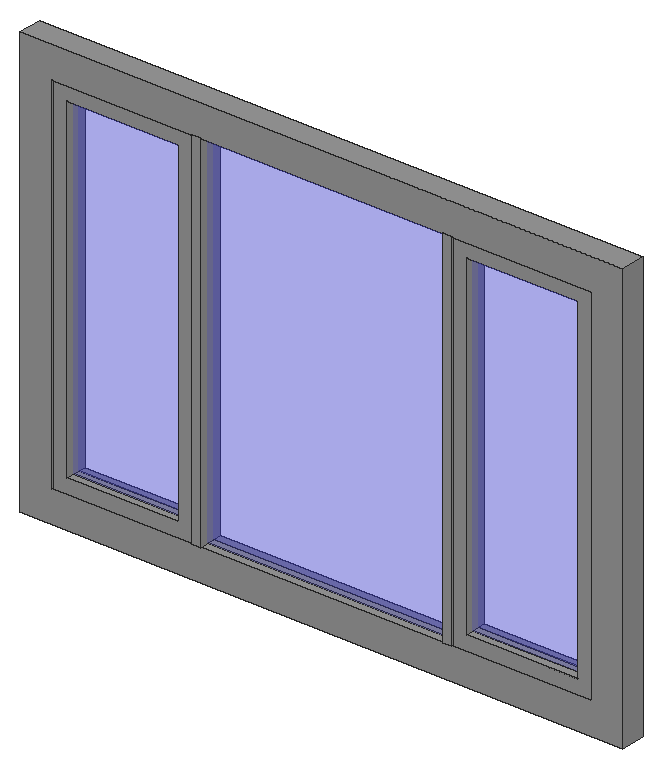
Revit family "Family56", category Windows, host Wall, Revit 2018
Family settings
  Host = Wall
  OmniClass Number = 23.30.20.00
  OmniClass Title = Windows
  Always vertical = Yes
  Cut with Voids When Loaded = No
  Shared = No
  Room Calculation Point = No
Parameters
  Window Thickness = 84 mm
  Window Frame = White
  Visual Light Transmittance = 0.81
  URL = "www.skywardwindows.co.za"
  Thermal Resistance (R) = 0.3196 (m²·K)/W
  Telephone = "021 276 1800"
  Solar Heat Gain Coefficient = 0.76
  Manufacturer = "Skyward Windows"
  Height = 1490 mm
  Heat Transfer Coefficient (U) = 3.1292 W/(m²·K)
  Glass Thickness = 4 mm
  Glass = Glass
  Email Address = "info@skywardwindows.co.za"
  Default Sill Height = 800 mm
  Wall Closure = By host
  Width = 2090 mm
  Company Address = "Charles Matthews Street Atlantis 7349"
  Analytic Construction = "Double glazing - domestic"
Reference planes
  plane 1 "Center (Front/Back)": y = 0
  plane 2 "Center (Left/Right)": x = 0
  plane 3 "Left": x = -1045
  plane 4 "Right": x = 1045
  plane 5 "Sill": z = 800
  plane 6 "Head": z = 2290
  plane 7 "Exterior": y = 100
  plane 8 "Interior": y = -100
Forms (mm)
  Extrusion 1, solid, material "White" <- "Window Frame"
    sketch origin (0, -100, 0) x (1, 0, 0) y (0, 0, 1)
      loop
        line (-1045, 2290) -> (-1045, 800) -> (1045, 800) -> (1045, 2290) -> (-1045, 2290)
      loop
        line (-936, 909) -> (936, 909) -> (936, 2181) -> (-936, 2181) -> (-936, 909)
    from -142 to -58
  Extrusion 2, solid, material "White" <- "Window Frame"
    sketch origin (0, -100, 0) x (1, 0, 0) y (0, 0, 1)
      loop
        line (-936, 2181) -> (-936, 909) -> (-450, 909) -> (-450, 2181) -> (-936, 2181)
      loop
        line (936, 2181) -> (450, 2181) -> (450, 909) -> (936, 909) -> (936, 2181)
      loop
        line (-886, 959) -> (-500, 959) -> (-500, 2131) -> (-886, 2131) -> (-886, 959)
      loop
        line (500, 2131) -> (500, 959) -> (886, 959) -> (886, 2131) -> (500, 2131)
    from -138 to -62
  Extrusion 3, solid, material "White" <- "Window Frame"
    sketch origin (0, -100, 0) x (1, 0, 0) y (0, 0, 1)
      loop
        line (-450, 2181) -> (-450, 909) -> (-420, 909) -> (-420, 2181) -> (-450, 2181)
      loop
        line (450, 2181) -> (420, 2181) -> (420, 909) -> (450, 909) -> (450, 2181)
    from -142 to -58
  Extrusion 4, solid, material "Glass" <- "Glass"
    sketch origin (0, 0, 0) x (1, 0, 0) y (0, 1, 0)
      loop
        line (-886, 14) -> (-886, 10) -> (-500, 10) -> (-500, 14) -> (-886, 14)
      loop
        line (-886, -10) -> (-886, -14) -> (-500, -14) -> (-500, -10) -> (-886, -10)
      loop
        line (500, 14) -> (500, 10) -> (886, 10) -> (886, 14) -> (500, 14)
      loop
        line (886, -10) -> (500, -10) -> (500, -14) -> (886, -14) -> (886, -10)
    from 959 to 2131
  Extrusion 5, solid, material "Glass" <- "Glass"
    sketch origin (0, 0, 0) x (1, 0, 0) y (0, 1, 0)
      loop
        line (-420, 14) -> (-420, 10) -> (420, 10) -> (420, 14) -> (-420, 14)
      loop
        line (420, -10) -> (-420, -10) -> (-420, -14) -> (420, -14) -> (420, -10)
    from 909 to 2181
Lines and regions (mm)
  Opening 1
    outline origin (3500, -100, 0) x (1, 0, 0) y (0, 0, 1)
      loop
        line (-2455, 800) -> (-2455, 2290) -> (-4545, 2290) -> (-4545, 800) -> (-2455, 800)
Text (mm)
  text "EXTERIOR" at (-1963.203, 1332.353, 0), in view "Ref. Level"
  text "INTERIOR" at (-1981.466, -818.386, 0), in view "Ref. Level"
  text "Exterior" at (0, 923.751, 2943.296), in view "Right"
  text "Exterior" at (0, 1040.484, 2685.409), in view "Left"
Dimensions and locks
  equal spacing: plane 3 "Left", plane 2 "Center (Left/Right)", plane 4 "Right"
  "Width": plane 3 "Left" to plane 4 "Right"
  "Height": plane 5 "Sill" to plane 6 "Head"
  "Default Sill Height": plane 5 "Sill" to level
  locked: plane 7 "Exterior" to host wall at 0
  locked: plane 8 "Interior" to host wall
  "Window Thickness": Extrusion 1 to Extrusion 1
  "Glass Thickness": Extrusion 5 to Extrusion 5
  "Glass Thickness": Extrusion 4 to Extrusion 4
  aligned and locked: Extrusion 1 sketch curve to host wall  (x4)
  aligned and locked: Extrusion 5 to Extrusion 1
Automatic sketch dimensions
  Opening 1 sketch curve to plane 3 "Left" = 0 mm
  Opening 1 sketch curve to plane 4 "Right" = 0 mm
  Opening 1 sketch curve to plane 5 "Sill" = 0 mm
  Opening 1 sketch curve to plane 6 "Head" = 0 mm
  Extrusion 1 sketch curve to plane 3 "Left" = 109 mm
  plane 4 "Right" to Extrusion 1 sketch curve = 109 mm
  Extrusion 1 sketch curve to plane 5 "Sill" = 109 mm
  plane 6 "Head" to Extrusion 1 sketch curve = 109 mm
  Extrusion 2 sketch curve to plane 3 "Left" = 109 mm
  Extrusion 2 sketch curve to Extrusion 2 sketch curve = 50 mm  (x8)
  plane 6 "Head" to Extrusion 2 sketch curve = 159 mm
  plane 2 "Center (Left/Right)" to Extrusion 2 sketch curve = 500 mm
  plane 6 "Head" to Extrusion 2 sketch curve = 109 mm
  Extrusion 2 sketch curve to plane 2 "Center (Left/Right)" = 450 mm
  plane 4 "Right" to Extrusion 2 sketch curve = 159 mm
  Extrusion 2 sketch curve to plane 5 "Sill" = 159 mm  (x2)
  Extrusion 3 sketch curve to plane 5 "Sill" = 109 mm  (x2)
  plane 2 "Center (Left/Right)" to Extrusion 3 sketch curve = 450 mm
  Extrusion 3 sketch curve to Extrusion 3 sketch curve = 30 mm  (x2)
  Extrusion 3 sketch curve to plane 2 "Center (Left/Right)" = 420 mm
  plane 6 "Head" to Extrusion 3 sketch curve = 109 mm  (x2)
  Extrusion 4 sketch curve to host wall = 14 mm  (x2)
  Extrusion 4 sketch curve to plane 3 "Left" = 159 mm
  Extrusion 4 sketch curve to Extrusion 4 sketch curve = 0 mm  (x4)
  host wall to Extrusion 4 sketch curve = 10 mm  (x2)
  plane 2 "Center (Left/Right)" to Extrusion 4 sketch curve = 500 mm
  Extrusion 4 sketch curve to plane 2 "Center (Left/Right)" = 500 mm
  plane 4 "Right" to Extrusion 4 sketch curve = 159 mm
  Extrusion 4 sketch curve to Extrusion 4 sketch curve = 4 mm  (x4)
  Extrusion 5 sketch curve to host wall = 14 mm
  plane 2 "Center (Left/Right)" to Extrusion 5 sketch curve = 420 mm
  host wall to Extrusion 5 sketch curve = 10 mm
  Extrusion 5 sketch curve to Extrusion 5 sketch curve = 0 mm  (x2)
  Extrusion 5 sketch curve to plane 2 "Center (Left/Right)" = 420 mm
  Extrusion 5 sketch curve to Extrusion 5 sketch curve = 4 mm  (x2)
